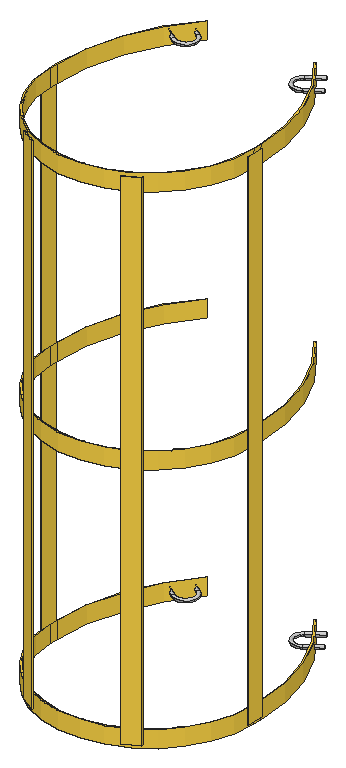
Revit family "LADDER PROTECTION_0333012", category Generic Models, Revit 2018
Family settings
  Can host rebar = No
  Round Connector Dimension = Use Diameter
  Part Type = Normal
  OmniClass Number = 35.51.14.00
  OmniClass Title = FORMWORK
  Work Plane-Based = Yes
  Always vertical = No
  Cut with Voids When Loaded = No
  Shared = Yes
  Room Calculation Point = No
Parameters
  VERSION = "20170217"  # constant formula
  URL = "www.ulmaconstruction.com/en"
  UNICLASS = ""
  Manufacturer = "ULMA CONSTRUCTION"  # constant formula
  ITEM_CODE = "0333012"
  FILTER [instance] = ""
  Default Elevation = 0.000 mm
  CLASSIFICATION_TITLE = ""
  CLASSIFICATION_NUMBER = ""
Reference planes
  plane 1 "Centro (Frontal/Posterior)": y = 0
  plane 2: z = 0
  plane 3 "Centro (Izquierda/Derecha)": x = 0
Forms (mm)
  Extrusion 1, solid, material "ULMA YELLOW"
    sketch origin (0, 0, 0) x (1, 0, 0) y (0, 1, 0)
      loop
        arc (12.988, 58.298) -> (-92.289, -117.825) -> (-128.85, -319.73) r 573.655
        line (-128.85, -319.73) -> (-128.85, -344.73)
        arc (-128.85, -344.73) -> (174.15, -647.73) -> (477.15, -344.73) r 303
        line (477.15, -344.73) -> (477.15, -319.73)
        arc (477.15, -319.73) -> (440.589, -117.825) -> (335.312, 58.298) r 573.655
        line (335.312, 58.298) -> (333.054, 56.323)
        arc (333.054, 56.323) -> (437.78, -118.879) -> (474.15, -319.729) r 570.655
        line (474.15, -319.729) -> (474.15, -344.73)
        arc (474.15, -344.73) -> (174.15, -644.73) -> (-125.85, -344.73) r 300
        line (-125.85, -344.73) -> (-125.85, -319.729)
        arc (-125.85, -319.729) -> (-89.48, -118.879) -> (15.246, 56.323) r 570.655
        line (15.246, 56.323) -> (12.988, 58.298)
    from -25 to 25
  Extrusion 2, solid, material "ULMA YELLOW"
    sketch origin (-103.85, -205.73, 0) x (1, 0, 0) y (0, 1, 0)
      loop
        line (-25, -114) -> (-28, -114) -> (-28, -164) -> (-25, -164) -> (-25, -114)
    from -1485 to 15
  Extrusion 3, solid, material "ULMA YELLOW"
    sketch origin (505.15, -205.73, 0) x (1, 0, 0) y (0, 1, 0)
      loop
        line (-25, -114) -> (-28, -114) -> (-28, -164) -> (-25, -164) -> (-25, -114)
    from -1485 to 15
  Extrusion 4, solid, material "ULMA YELLOW"
    sketch origin (-85.228, -515.985, 0) x (0.5, 0.866025, 0) y (-0.866025, 0.5, 0)
      loop
        line (-25, -114) -> (-28, -114) -> (-28, -164) -> (-25, -164) -> (-25, -114)
    from -1485 to 15
  Extrusion 5, solid, material "ULMA YELLOW"
    sketch origin (433.528, -515.985, 0) x (-0.5, 0.866025, 0) y (-0.866025, -0.5, 0)
      loop
        line (-25, 114) -> (-25, 164) -> (-28, 164) -> (-28, 114) -> (-25, 114)
    from -1485 to 15
  Sweep 6, solid, material "ULMA ZINC", detail levels fine
    path in 3D
      loop
        line (-23.75, 53.253, 0) -> (17.207, 24.575, 0)
        arc (17.207, 24.575, 0) -> (24.575, -17.207, 0) -> (-17.207, -24.575, 0) r 30
        line (-17.207, -24.575, 0) -> (-58.165, 4.104, 0)
    profile origin (-3.272, 38.914, 0) x (0.573576, 0.819152, 0) y (0, 0, 1)
      loop
        circle (0, 0) r 4
  Sweep 7, solid, material "ULMA ZINC", detail levels fine
    path in 3D
      loop
        line (-23.75, 53.253, -1470) -> (17.207, 24.575, -1470)
        arc (17.207, 24.575, -1470) -> (24.575, -17.207, -1470) -> (-17.207, -24.575, -1470) r 30
        line (-17.207, -24.575, -1470) -> (-58.165, 4.104, -1470)
    profile origin (-3.272, 38.914, -1470) x (0.573576, 0.819152, 0) y (0, 0, 1)
      loop
        circle (0, 0) r 4
  Extrusion 8, solid, material "ULMA YELLOW"
    sketch origin (0, 0, 0) x (1, 0, 0) y (0, 1, 0)
      loop
        arc (12.988, 58.298) -> (-92.289, -117.825) -> (-128.85, -319.73) r 573.655
        line (-128.85, -319.73) -> (-128.85, -344.73)
        arc (-128.85, -344.73) -> (174.15, -647.73) -> (477.15, -344.73) r 303
        line (477.15, -344.73) -> (477.15, -319.73)
        arc (477.15, -319.73) -> (440.589, -117.825) -> (335.312, 58.298) r 573.655
        line (335.312, 58.298) -> (333.054, 56.323)
        arc (333.054, 56.323) -> (437.78, -118.879) -> (474.15, -319.729) r 570.655
        line (474.15, -319.729) -> (474.15, -344.73)
        arc (474.15, -344.73) -> (174.15, -644.73) -> (-125.85, -344.73) r 300
        line (-125.85, -344.73) -> (-125.85, -319.729)
        arc (-125.85, -319.729) -> (-89.48, -118.879) -> (15.246, 56.323) r 570.655
        line (15.246, 56.323) -> (12.988, 58.298)
    from -760 to -710
  Extrusion 9, solid, material "ULMA YELLOW"
    sketch origin (0, 0, 0) x (1, 0, 0) y (0, 1, 0)
      loop
        arc (12.988, 58.298) -> (-92.289, -117.825) -> (-128.85, -319.73) r 573.655
        line (-128.85, -319.73) -> (-128.85, -344.73)
        arc (-128.85, -344.73) -> (174.15, -647.73) -> (477.15, -344.73) r 303
        line (477.15, -344.73) -> (477.15, -319.73)
        arc (477.15, -319.73) -> (440.589, -117.825) -> (335.312, 58.298) r 573.655
        line (335.312, 58.298) -> (333.054, 56.323)
        arc (333.054, 56.323) -> (437.78, -118.879) -> (474.15, -319.729) r 570.655
        line (474.15, -319.729) -> (474.15, -344.73)
        arc (474.15, -344.73) -> (174.15, -644.73) -> (-125.85, -344.73) r 300
        line (-125.85, -344.73) -> (-125.85, -319.729)
        arc (-125.85, -319.729) -> (-89.48, -118.879) -> (15.246, 56.323) r 570.655
        line (15.246, 56.323) -> (12.988, 58.298)
    from -1495 to -1445
  Sweep 10, solid, material "ULMA ZINC", detail levels fine
    path in 3D
      loop
        line (372.05, 53.253, 0) -> (331.093, 24.575, 0)
        arc (331.093, 24.575, 0) -> (323.725, -17.207, 0) -> (365.507, -24.575, 0) r 30
        line (365.507, -24.575, 0) -> (406.465, 4.104, 0)
    profile origin (351.572, 38.914, 0) x (0.573576, -0.819152, 0) y (0, 0, 1)
      loop
        circle (0, 0) r 4
  Sweep 11, solid, material "ULMA ZINC", detail levels fine
    path in 3D
      loop
        line (372.05, 53.253, -1470) -> (331.093, 24.575, -1470)
        arc (331.093, 24.575, -1470) -> (323.725, -17.207, -1470) -> (365.507, -24.575, -1470) r 30
        line (365.507, -24.575, -1470) -> (406.465, 4.104, -1470)
    profile origin (351.572, 38.914, -1470) x (0.573576, -0.819152, 0) y (0, 0, 1)
      loop
        circle (0, 0) r 4
Lines and regions (mm)
  reference lines
    curve 1: line (-23.75, 53.253, 0) -> (17.207, 24.575, 0)
    curve 2: arc (17.207, 24.575, 0) -> (24.575, -17.207, 0) -> (-17.207, -24.575, 0) r 30
    curve 3: line (-17.207, -24.575, 0) -> (-58.165, 4.104, 0)
  sketch lines
    curve 4: line (-23.75, 53.253, 0) -> (17.207, 24.575, 0)
    curve 5: arc (17.207, 24.575, 0) -> (24.575, -17.207, 0) -> (-17.207, -24.575, 0) r 30
    curve 6: line (-17.207, -24.575, 0) -> (-58.165, 4.104, 0)
    curve 7: line (-23.75, 53.253, -1470) -> (17.207, 24.575, -1470)
    curve 8: arc (17.207, 24.575, -1470) -> (24.575, -17.207, -1470) -> (-17.207, -24.575, -1470) r 30
    curve 9: line (-17.207, -24.575, -1470) -> (-58.165, 4.104, -1470)
    curve 10: line (372.05, 53.253, 0) -> (331.093, 24.575, 0)
    curve 11: arc (331.093, 24.575, 0) -> (323.725, -17.207, 0) -> (365.507, -24.575, 0) r 30
    curve 12: line (365.507, -24.575, 0) -> (406.465, 4.104, 0)
    curve 13: line (372.05, 53.253, -1470) -> (331.093, 24.575, -1470)
    curve 14: arc (331.093, 24.575, -1470) -> (323.725, -17.207, -1470) -> (365.507, -24.575, -1470) r 30
    curve 15: line (365.507, -24.575, -1470) -> (406.465, 4.104, -1470)
Dimensions and locks
  aligned and locked: level to plane 2
